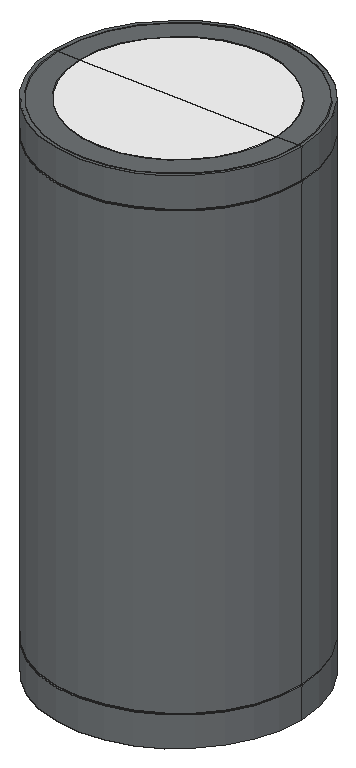
Revit family "Thorn CESAR AMP CEILING", category Lighting Fixtures, host Face, Revit 2023
Family settings
  Host = Face
  Round Connector Dimension = Use Diameter
  Part Type = Normal
  Cut with Voids When Loaded = Yes
  Light Source = Yes
  Maintain Annotation Orientation = No
  Shared = No
  Room Calculation Point = Yes
Parameters (values of type "CESAR AMP M CEI 1L927FX HF ANT")
  Wattage = 18.6 W
  built-in parameter 1150110 = 1 (stored number, unit not read)
  URL = "https://www.thornlighting.com/96700097"
  Type Image = TLG_CESA_F_AMP_CEI_WB_ANT.jpg
  Type IFC Predefined Type = "DIRECTIONSOURCE"
  built-in parameter 1114217 = 1 (stored number, unit not read)
  Tilt Angle = -90.00°  # constant formula
  built-in parameter 1150109 = 1 (stored number, unit not read)
  built-in parameter 1150134 = 12
  built-in parameter 1150113 = 1 (stored number, unit not read)
  Power Factor = 1
  Photometric Web File = "96700097_(STD).IES"
  Model = "96700097"
  Material Housing = Thorn-Aluminium-RAL 7016-Anthracite Grey
  Manufacturer = "Thorn Lighting"  # constant formula
  built-in parameter 1150105 = 79.577 (stored number, unit not read)
  Lumens = 1325 lm
  Luminaire Width = if(Housing S, 90 mm, if(Housing M, 140 mm, if(Housing L, 200 mm, 90 mm)))  # 140 mm
  Luminaire Length = Luminaire Width  # 140 mm
  Luminaire Height = if(Housing S, 165 mm, if(Housing M, 290 mm, if(Housing L, 320 mm, 165 mm)))  # 290 mm
  built-in parameter 1150115 = 1 (stored number, unit not read)
  built-in parameter 1150137 = (empty or 0)
  built-in parameter 1150139 = (empty or 0)
  built-in parameter 1150112 = 1 (stored number, unit not read)
  built-in parameter 1150114 = 1 (stored number, unit not read)
  Lamp = "LED"  # constant formula
  built-in parameter 1150132 = 2
  built-in parameter 1150102 = (empty or 0)
  built-in parameter 1150107 = 2700 (stored number, unit not read)
  built-in parameter 1150138 = (empty or 0)
  built-in parameter 1150106 = 0.79577 (stored number, unit not read)
  Housing S = no
  Housing M = yes
  Housing L = no
  R = Emit from Circle Diameter / 2  # 55.5 mm
  Export Type to IFC As = "IfcLightFixtureType"
  Emit from Circle Diameter = Luminaire Width - E * 2  # 111 mm
  Emit Shape Visible in Rendering = 0 > 1  # no
  built-in parameter 1150104 = 6.5961 (stored number, unit not read)
  E = if(Housing S, 9 mm, if(Housing M, 14.5 mm, if(Housing L, 20 mm, 9 mm)))  # 14.5 mm
  Dimming Lamp Color Temperature Shift = <None>
  Description = "Outdoor Downlights"  # constant formula
  Default Elevation = 0 mm  # constant formula
  Color Filter = 16777215
  built-in parameter 1114218 = 1 (stored number, unit not read)
  built-in parameter 1150133 = 10 (stored number, unit not read)
  Assembly Code = "Pr_70_70_48_17"
  Apparent Load = Wattage / Power Factor  # 18.6 VA
Types (60, lengths in mm): name | Wattage | URL | Type Image | Photometric Web File | Model | Material Housing | Lumens | Luminaire Width | Luminaire Length | Luminaire Height | built-in parameter 1150107 | Housing S | Housing M | Housing L | R | Emit from Circle Diameter | built-in parameter 1150104 | E | Apparent Load
  CESAR AMP S CEI 1L927WB HF ANT | 8.8 W | "https://www.thornlighting.com/96700061" | TLG_CESA_F_AMP_CEI_WB_ANT.jpg | "96700061_(STD).IES" | "96700061" | Thorn-Aluminium-RAL 7016-Anthracite Grey | 430 lm | 90 | 90 | 165 | 2700 (stored number, unit not read) | yes | no | no | 36 | 72 | 4.5522 (stored number, unit not read) | 9 | 8.8 VA
  CESAR AMP S CEI 1L927WB HF BK | 8.8 W | "https://www.thornlighting.com/96700059" | TLG_CESA_F_AMP_CEI_WB_BK.jpg | "96700059_(STD).IES" | "96700059" | Thorn-Aluminium-RAL 9005-Jet Black | 430 lm | 90 | 90 | 165 | 2700 (stored number, unit not read) | yes | no | no | 36 | 72 | 4.5522 (stored number, unit not read) | 9 | 8.8 VA
  CESAR AMP S CEI 1L927WB HF GY | 8.8 W | "https://www.thornlighting.com/96700060" | TLG_CESA_F_AMP_CEI_WB_GY.jpg | "96700060_(STD).IES" | "96700060" | Thorn-Aluminium-RAL 9006-White Aluminium | 430 lm | 90 | 90 | 165 | 2700 (stored number, unit not read) | yes | no | no | 36 | 72 | 4.5522 (stored number, unit not read) | 9 | 8.8 VA
  CESAR AMP S CEI 1L927WB HF WH | 8.8 W | "https://www.thornlighting.com/96700058" | TLG_CESA_F_AMP_CEI_WB_WH.jpg | "96700058_(STD).IES" | "96700058" | Thorn-Aluminium-RAL 9016-Traffic White | 430 lm | 90 | 90 | 165 | 2700 (stored number, unit not read) | yes | no | no | 36 | 72 | 4.5522 (stored number, unit not read) | 9 | 8.8 VA
  CESAR AMP S CEI 1L927WB RD ANT | 8.8 W | "https://www.thornlighting.com/96701213" | TLG_CESA_F_AMP_CEI_WB_ANT_DarkSkyApproved.jpg | "96701213_(STD).IES" | "96701213" | Thorn-Aluminium-RAL 7016-Anthracite Grey | 430 lm | 90 | 90 | 165 | 2700 (stored number, unit not read) | yes | no | no | 36 | 72 | 4.5522 (stored number, unit not read) | 9 | 8.8 VA
  CESAR AMP S CEI 1L927WB RD BK | 8.8 W | "https://www.thornlighting.com/96701211" | TLG_CESA_F_AMP_CEI_WB_BK.jpg | "96701211_(STD).IES" | "96701211" | Thorn-Aluminium-RAL 9005-Jet Black | 430 lm | 90 | 90 | 165 | 2700 (stored number, unit not read) | yes | no | no | 36 | 72 | 4.5522 (stored number, unit not read) | 9 | 8.8 VA
  CESAR AMP S CEI 1L927WB RD GY | 8.8 W | "https://www.thornlighting.com/96701212" | TLG_CESA_F_AMP_CEI_WB_GY.jpg | "96701212_(STD).IES" | "96701212" | Thorn-Aluminium-RAL 9006-White Aluminium | 430 lm | 90 | 90 | 165 | 2700 (stored number, unit not read) | yes | no | no | 36 | 72 | 4.5522 (stored number, unit not read) | 9 | 8.8 VA
  CESAR AMP S CEI 1L927WB RD WH | 8.8 W | "https://www.thornlighting.com/96701210" | TLG_CESA_F_AMP_CEI_WB_WH.jpg | "96701210_(STD).IES" | "96701210" | Thorn-Aluminium-RAL 9016-Traffic White | 430 lm | 90 | 90 | 165 | 2700 (stored number, unit not read) | yes | no | no | 36 | 72 | 4.5522 (stored number, unit not read) | 9 | 8.8 VA
  CESAR AMP S CEI 1L930WB HF ANT | 8.8 W | "https://www.thornlighting.com/96700069" | TLG_CESA_F_AMP_CEI_WB_ANT.jpg | "96700069_(STD).IES" | "96700069" | Thorn-Aluminium-RAL 7016-Anthracite Grey | 452 lm | 90 | 90 | 165 | 3000 (stored number, unit not read) | yes | no | no | 36 | 72 | 4.7381 (stored number, unit not read) | 9 | 8.8 VA
  CESAR AMP S CEI 1L930WB HF BK | 8.8 W | "https://www.thornlighting.com/96700067" | TLG_CESA_F_AMP_CEI_WB_BK.jpg | "96700067_(STD).IES" | "96700067" | Thorn-Aluminium-RAL 9005-Jet Black | 452 lm | 90 | 90 | 165 | 3000 (stored number, unit not read) | yes | no | no | 36 | 72 | 4.7381 (stored number, unit not read) | 9 | 8.8 VA
  CESAR AMP S CEI 1L930WB HF GY | 8.8 W | "https://www.thornlighting.com/96700068" | TLG_CESA_F_AMP_CEI_WB_GY.jpg | "96700068_(STD).IES" | "96700068" | Thorn-Aluminium-RAL 9006-White Aluminium | 452 lm | 90 | 90 | 165 | 3000 (stored number, unit not read) | yes | no | no | 36 | 72 | 4.7381 (stored number, unit not read) | 9 | 8.8 VA
  CESAR AMP S CEI 1L930WB HF WH | 8.8 W | "https://www.thornlighting.com/96700066" | TLG_CESA_F_AMP_CEI_WB_WH.jpg | "96700066_(STD).IES" | "96700066" | Thorn-Aluminium-RAL 9016-Traffic White | 452 lm | 90 | 90 | 165 | 3000 (stored number, unit not read) | yes | no | no | 36 | 72 | 4.7381 (stored number, unit not read) | 9 | 8.8 VA
  CESAR AMP S CEI 1L930WB RD ANT | 8.8 W | "https://www.thornlighting.com/96701221" | TLG_CESA_F_AMP_CEI_WB_ANT_DarkSkyApproved.jpg | "96701221_(STD).IES" | "96701221" | Thorn-Aluminium-RAL 7016-Anthracite Grey | 452 lm | 90 | 90 | 165 | 3000 (stored number, unit not read) | yes | no | no | 36 | 72 | 4.7381 (stored number, unit not read) | 9 | 8.8 VA
  CESAR AMP S CEI 1L930WB RD BK | 8.8 W | "https://www.thornlighting.com/96701219" | TLG_CESA_F_AMP_CEI_WB_BK.jpg | "96701219_(STD).IES" | "96701219" | Thorn-Aluminium-RAL 9005-Jet Black | 452 lm | 90 | 90 | 165 | 3000 (stored number, unit not read) | yes | no | no | 36 | 72 | 4.7381 (stored number, unit not read) | 9 | 8.8 VA
  CESAR AMP S CEI 1L930WB RD GY | 8.8 W | "https://www.thornlighting.com/96701220" | TLG_CESA_F_AMP_CEI_WB_GY.jpg | "96701220_(STD).IES" | "96701220" | Thorn-Aluminium-RAL 9006-White Aluminium | 452 lm | 90 | 90 | 165 | 3000 (stored number, unit not read) | yes | no | no | 36 | 72 | 4.7381 (stored number, unit not read) | 9 | 8.8 VA
  CESAR AMP S CEI 1L930WB RD WH | 8.8 W | "https://www.thornlighting.com/96701218" | TLG_CESA_F_AMP_CEI_WB_WH.jpg | "96701218_(STD).IES" | "96701218" | Thorn-Aluminium-RAL 9016-Traffic White | 452 lm | 90 | 90 | 165 | 3000 (stored number, unit not read) | yes | no | no | 36 | 72 | 4.7381 (stored number, unit not read) | 9 | 8.8 VA
  CESAR AMP S CEI 1L940WB HF ANT | 8.8 W | "https://www.thornlighting.com/96700065" | TLG_CESA_F_AMP_CEI_WB_ANT.jpg | "96700065_(STD).IES" | "96700065" | Thorn-Aluminium-RAL 7016-Anthracite Grey | 483 lm | 90 | 90 | 165 | 4000 (stored number, unit not read) | yes | no | no | 36 | 72 | 5.1097 (stored number, unit not read) | 9 | 8.8 VA
  CESAR AMP S CEI 1L940WB HF BK | 8.8 W | "https://www.thornlighting.com/96700063" | TLG_CESA_F_AMP_CEI_WB_BK.jpg | "96700063_(STD).IES" | "96700063" | Thorn-Aluminium-RAL 9005-Jet Black | 483 lm | 90 | 90 | 165 | 4000 (stored number, unit not read) | yes | no | no | 36 | 72 | 5.1097 (stored number, unit not read) | 9 | 8.8 VA
  CESAR AMP S CEI 1L940WB HF GY | 8.8 W | "https://www.thornlighting.com/96700064" | TLG_CESA_F_AMP_CEI_WB_GY.jpg | "96700064_(STD).IES" | "96700064" | Thorn-Aluminium-RAL 9006-White Aluminium | 483 lm | 90 | 90 | 165 | 4000 (stored number, unit not read) | yes | no | no | 36 | 72 | 5.1097 (stored number, unit not read) | 9 | 8.8 VA
  CESAR AMP S CEI 1L940WB HF WH | 8.8 W | "https://www.thornlighting.com/96700062" | TLG_CESA_F_AMP_CEI_WB_WH.jpg | "96700062_(STD).IES" | "96700062" | Thorn-Aluminium-RAL 9016-Traffic White | 483 lm | 90 | 90 | 165 | 4000 (stored number, unit not read) | yes | no | no | 36 | 72 | 5.1097 (stored number, unit not read) | 9 | 8.8 VA
  CESAR AMP S CEI 1L940WB RD ANT | 8.8 W | "https://www.thornlighting.com/96701217" | TLG_CESA_F_AMP_CEI_WB_BK.jpg | "96701217_(STD).IES" | "96701217" | Thorn-Aluminium-RAL 7016-Anthracite Grey | 483 lm | 90 | 90 | 165 | 4000 (stored number, unit not read) | yes | no | no | 36 | 72 | 5.1097 (stored number, unit not read) | 9 | 8.8 VA
  CESAR AMP S CEI 1L940WB RD BK | 8.8 W | "https://www.thornlighting.com/96701215" | TLG_CESA_F_AMP_CEI_WB_BK.jpg | "96701215_(STD).IES" | "96701215" | Thorn-Aluminium-RAL 9005-Jet Black | 483 lm | 90 | 90 | 165 | 4000 (stored number, unit not read) | yes | no | no | 36 | 72 | 5.1097 (stored number, unit not read) | 9 | 8.8 VA
  CESAR AMP S CEI 1L940WB RD GY | 8.8 W | "https://www.thornlighting.com/96701216" | TLG_CESA_F_AMP_CEI_WB_GY.jpg | "96701216_(STD).IES" | "96701216" | Thorn-Aluminium-RAL 9006-White Aluminium | 483 lm | 90 | 90 | 165 | 4000 (stored number, unit not read) | yes | no | no | 36 | 72 | 5.1097 (stored number, unit not read) | 9 | 8.8 VA
  CESAR AMP S CEI 1L940WB RD WH | 8.8 W | "https://www.thornlighting.com/96701214" | TLG_CESA_F_AMP_CEI_WB_WH.jpg | "96701214_(STD).IES" | "96701214" | Thorn-Aluminium-RAL 9016-Traffic White | 483 lm | 90 | 90 | 165 | 4000 (stored number, unit not read) | yes | no | no | 36 | 72 | 5.1097 (stored number, unit not read) | 9 | 8.8 VA
  CESAR AMP M CEI 1L927FX HF ANT | 18.6 W | "https://www.thornlighting.com/96700097" | TLG_CESA_F_AMP_CEI_WB_ANT.jpg | "96700097_(STD).IES" | "96700097" | Thorn-Aluminium-RAL 7016-Anthracite Grey | 1325 lm | 140 | 140 | 290 | 2700 (stored number, unit not read) | no | yes | no | 55.5 | 111 | 6.5961 (stored number, unit not read) | 14.5 | 18.6 VA
  CESAR AMP M CEI 1L927FX HF BK | 18.6 W | "https://www.thornlighting.com/96700095" | TLG_CESA_F_AMP_CEI_WB_BK.jpg | "96700095_(STD).IES" | "96700095" | Thorn-Aluminium-RAL 9005-Jet Black | 1325 lm | 140 | 140 | 290 | 2700 (stored number, unit not read) | no | yes | no | 55.5 | 111 | 6.5961 (stored number, unit not read) | 14.5 | 18.6 VA
  CESAR AMP M CEI 1L927FX HF GY | 18.6 W | "https://www.thornlighting.com/96700096" | TLG_CESA_F_AMP_CEI_WB_GY.jpg | "96700096_(STD).IES" | "96700096" | Thorn-Aluminium-RAL 9006-White Aluminium | 1325 lm | 140 | 140 | 290 | 2700 (stored number, unit not read) | no | yes | no | 55.5 | 111 | 6.5961 (stored number, unit not read) | 14.5 | 18.6 VA
  CESAR AMP M CEI 1L927FX HF WH | 18.6 W | "https://www.thornlighting.com/96700094" | TLG_CESA_F_AMP_CEI_WB_WH.jpg | "96700094_(STD).IES" | "96700094" | Thorn-Aluminium-RAL 9016-Traffic White | 1325 lm | 140 | 140 | 290 | 2700 (stored number, unit not read) | no | yes | no | 55.5 | 111 | 6.5961 (stored number, unit not read) | 14.5 | 18.6 VA
  CESAR AMP M CEI 1L927FX RD ANT | 18.6 W | "https://www.thornlighting.com/96701249" | TLG_CESA_F_AMP_CEI_WB_ANT.jpg | "96701249_(STD).IES" | "96701249" | Thorn-Aluminium-RAL 7016-Anthracite Grey | 1325 lm | 140 | 140 | 290 | 2700 (stored number, unit not read) | no | yes | no | 55.5 | 111 | 6.5961 (stored number, unit not read) | 14.5 | 18.6 VA
  CESAR AMP M CEI 1L927FX RD BK | 18.6 W | "https://www.thornlighting.com/96701247" | TLG_CESA_F_AMP_CEI_WB_BK.jpg | "96701247_(STD).IES" | "96701247" | Thorn-Aluminium-RAL 9005-Jet Black | 1325 lm | 140 | 140 | 290 | 2700 (stored number, unit not read) | no | yes | no | 55.5 | 111 | 6.5961 (stored number, unit not read) | 14.5 | 18.6 VA
  CESAR AMP M CEI 1L927FX RD GY | 18.6 W | "https://www.thornlighting.com/96701248" | TLG_CESA_F_AMP_CEI_WB_GY.jpg | "96701248_(STD).IES" | "96701248" | Thorn-Aluminium-RAL 9006-White Aluminium | 1325 lm | 140 | 140 | 290 | 2700 (stored number, unit not read) | no | yes | no | 55.5 | 111 | 6.5961 (stored number, unit not read) | 14.5 | 18.6 VA
  CESAR AMP M CEI 1L927FX RD WH | 18.6 W | "https://www.thornlighting.com/96701246" | TLG_CESA_F_AMP_CEI_WB_WH.jpg | "96701246_(STD).IES" | "96701246" | Thorn-Aluminium-RAL 9016-Traffic White | 1325 lm | 140 | 140 | 290 | 2700 (stored number, unit not read) | no | yes | no | 55.5 | 111 | 6.5961 (stored number, unit not read) | 14.5 | 18.6 VA
  CESAR AMP M CEI 1L930FX HF ANT | 18.6 W | "https://www.thornlighting.com/96700105" | TLG_CESA_F_AMP_CEI_WB_ANT.jpg | "96700105_(STD).IES" | "96700105" | Thorn-Aluminium-RAL 7016-Anthracite Grey | 1395 lm | 140 | 140 | 290 | 3000 (stored number, unit not read) | no | yes | no | 55.5 | 111 | 6.9677 (stored number, unit not read) | 14.5 | 18.6 VA
  CESAR AMP M CEI 1L930FX HF BK | 18.6 W | "https://www.thornlighting.com/96700103" | TLG_CESA_F_AMP_CEI_WB_BK.jpg | "96700103_(STD).IES" | "96700103" | Thorn-Aluminium-RAL 9005-Jet Black | 1395 lm | 140 | 140 | 290 | 3000 (stored number, unit not read) | no | yes | no | 55.5 | 111 | 6.9677 (stored number, unit not read) | 14.5 | 18.6 VA
  CESAR AMP M CEI 1L930FX HF GY | 18.6 W | "https://www.thornlighting.com/96700104" | TLG_CESA_F_AMP_CEI_WB_GY.jpg | "96700104_(STD).IES" | "96700104" | Thorn-Aluminium-RAL 9006-White Aluminium | 1395 lm | 140 | 140 | 290 | 3000 (stored number, unit not read) | no | yes | no | 55.5 | 111 | 6.9677 (stored number, unit not read) | 14.5 | 18.6 VA
  CESAR AMP M CEI 1L930FX HF WH | 18.6 W | "https://www.thornlighting.com/96700102" | TLG_CESA_F_AMP_CEI_WB_WH.jpg | "96700102_(STD).IES" | "96700102" | Thorn-Aluminium-RAL 9016-Traffic White | 1395 lm | 140 | 140 | 290 | 3000 (stored number, unit not read) | no | yes | no | 55.5 | 111 | 6.9677 (stored number, unit not read) | 14.5 | 18.6 VA
  CESAR AMP M CEI 1L930FX RD ANT | 18.6 W | "https://www.thornlighting.com/96701257" | TLG_CESA_F_AMP_CEI_WB_ANT.jpg | "96701257_(STD).IES" | "96701257" | Thorn-Aluminium-RAL 7016-Anthracite Grey | 1395 lm | 140 | 140 | 290 | 3000 (stored number, unit not read) | no | yes | no | 55.5 | 111 | 6.9677 (stored number, unit not read) | 14.5 | 18.6 VA
  CESAR AMP M CEI 1L930FX RD BK | 18.6 W | "https://www.thornlighting.com/96701255" | TLG_CESA_F_AMP_CEI_WB_BK.jpg | "96701255_(STD).IES" | "96701255" | Thorn-Aluminium-RAL 9005-Jet Black | 1395 lm | 140 | 140 | 290 | 3000 (stored number, unit not read) | no | yes | no | 55.5 | 111 | 6.9677 (stored number, unit not read) | 14.5 | 18.6 VA
  CESAR AMP M CEI 1L930FX RD GY | 18.6 W | "https://www.thornlighting.com/96701256" | TLG_CESA_F_AMP_CEI_WB_GY.jpg | "96701256_(STD).IES" | "96701256" | Thorn-Aluminium-RAL 9006-White Aluminium | 1395 lm | 140 | 140 | 290 | 3000 (stored number, unit not read) | no | yes | no | 55.5 | 111 | 6.9677 (stored number, unit not read) | 14.5 | 18.6 VA
  CESAR AMP M CEI 1L930FX RD WH | 18.6 W | "https://www.thornlighting.com/96701254" | TLG_CESA_F_AMP_CEI_WB_WH.jpg | "96701254_(STD).IES" | "96701254" | Thorn-Aluminium-RAL 9016-Traffic White | 1395 lm | 140 | 140 | 290 | 3000 (stored number, unit not read) | no | yes | no | 55.5 | 111 | 6.9677 (stored number, unit not read) | 14.5 | 18.6 VA
  CESAR AMP M CEI 1L940FX HF ANT | 18.6 W | "https://www.thornlighting.com/96700101" | TLG_CESA_F_AMP_CEI_WB_ANT.jpg | "96700101_(STD).IES" | "96700101" | Thorn-Aluminium-RAL 7016-Anthracite Grey | 1437 lm | 140 | 140 | 290 | 4000 (stored number, unit not read) | no | yes | no | 55.5 | 111 | 7.1535 (stored number, unit not read) | 14.5 | 18.6 VA
  CESAR AMP M CEI 1L940FX HF BK | 18.6 W | "https://www.thornlighting.com/96700099" | TLG_CESA_F_AMP_CEI_WB_BK.jpg | "96700099_(STD).IES" | "96700099" | Thorn-Aluminium-RAL 9005-Jet Black | 1437 lm | 140 | 140 | 290 | 4000 (stored number, unit not read) | no | yes | no | 55.5 | 111 | 7.1535 (stored number, unit not read) | 14.5 | 18.6 VA
  CESAR AMP M CEI 1L940FX HF GY | 18.6 W | "https://www.thornlighting.com/96700100" | TLG_CESA_F_AMP_CEI_WB_GY.jpg | "96700100_(STD).IES" | "96700100" | Thorn-Aluminium-RAL 9006-White Aluminium | 1437 lm | 140 | 140 | 290 | 4000 (stored number, unit not read) | no | yes | no | 55.5 | 111 | 7.1535 (stored number, unit not read) | 14.5 | 18.6 VA
  CESAR AMP M CEI 1L940FX HF WH | 18.6 W | "https://www.thornlighting.com/96700098" | TLG_CESA_F_AMP_CEI_WB_WH.jpg | "96700098_(STD).IES" | "96700098" | Thorn-Aluminium-RAL 9016-Traffic White | 1437 lm | 140 | 140 | 290 | 4000 (stored number, unit not read) | no | yes | no | 55.5 | 111 | 7.1535 (stored number, unit not read) | 14.5 | 18.6 VA
  CESAR AMP M CEI 1L940FX RD ANT | 18.6 W | "https://www.thornlighting.com/96701253" | TLG_CESA_F_AMP_CEI_WB_ANT.jpg | "96701253_(STD).IES" | "96701253" | Thorn-Aluminium-RAL 7016-Anthracite Grey | 1437 lm | 140 | 140 | 290 | 4000 (stored number, unit not read) | no | yes | no | 55.5 | 111 | 7.1535 (stored number, unit not read) | 14.5 | 18.6 VA
  CESAR AMP M CEI 1L940FX RD BK | 18.6 W | "https://www.thornlighting.com/96701251" | TLG_CESA_F_AMP_CEI_WB_BK.jpg | "96701251_(STD).IES" | "96701251" | Thorn-Aluminium-RAL 9005-Jet Black | 1437 lm | 140 | 140 | 290 | 4000 (stored number, unit not read) | no | yes | no | 55.5 | 111 | 7.1535 (stored number, unit not read) | 14.5 | 18.6 VA
  CESAR AMP M CEI 1L940FX RD GY | 18.6 W | "https://www.thornlighting.com/96701252" | TLG_CESA_F_AMP_CEI_WB_GY.jpg | "96701252_(STD).IES" | "96701252" | Thorn-Aluminium-RAL 9006-White Aluminium | 1437 lm | 140 | 140 | 290 | 4000 (stored number, unit not read) | no | yes | no | 55.5 | 111 | 7.1535 (stored number, unit not read) | 14.5 | 18.6 VA
  CESAR AMP M CEI 1L940FX RD WH | 18.6 W | "https://www.thornlighting.com/96701250" | TLG_CESA_F_AMP_CEI_WB_WH.jpg | "96701250_(STD).IES" | "96701250" | Thorn-Aluminium-RAL 9016-Traffic White | 1437 lm | 140 | 140 | 290 | 4000 (stored number, unit not read) | no | yes | no | 55.5 | 111 | 7.1535 (stored number, unit not read) | 14.5 | 18.6 VA
  CESAR AMP L CEI 1L927XB HFX ANT | 34.4 W | "https://www.thornlighting.com/96700133" | TLG_CESA_F_AMP_CEI_WB_ANT.jpg | "96700133_(STD).IES" | "96700133" | Thorn-Aluminium-RAL 7016-Anthracite Grey | 2413 lm | 200 | 200 | 320 | 2700 (stored number, unit not read) | no | no | yes | 80 | 160 | 6.5032 (stored number, unit not read) | 20 | 34.4 VA
  CESAR AMP L CEI 1L927XB HFX BK | 34.4 W | "https://www.thornlighting.com/96700131" | TLG_CESA_F_AMP_CEI_WB_BK.jpg | "96700131_(STD).IES" | "96700131" | Thorn-Aluminium-RAL 9005-Jet Black | 2413 lm | 200 | 200 | 320 | 2700 (stored number, unit not read) | no | no | yes | 80 | 160 | 6.5032 (stored number, unit not read) | 20 | 34.4 VA
  CESAR AMP L CEI 1L927XB HFX GY | 34.4 W | "https://www.thornlighting.com/96700132" | TLG_CESA_F_AMP_CEI_WB_GY.jpg | "96700132_(STD).IES" | "96700132" | Thorn-Aluminium-RAL 9006-White Aluminium | 2413 lm | 200 | 200 | 320 | 2700 (stored number, unit not read) | no | no | yes | 80 | 160 | 6.5032 (stored number, unit not read) | 20 | 34.4 VA
  CESAR AMP L CEI 1L927XB HFX WH | 34.4 W | "https://www.thornlighting.com/96700130" | TLG_CESA_F_AMP_CEI_WB_WH.jpg | "96700130_(STD).IES" | "96700130" | Thorn-Aluminium-RAL 9016-Traffic White | 2413 lm | 200 | 200 | 320 | 2700 (stored number, unit not read) | no | no | yes | 80 | 160 | 6.5032 (stored number, unit not read) | 20 | 34.4 VA
  CESAR AMP L CEI 1L930XB HFX ANT | 34.4 W | "https://www.thornlighting.com/96700141" | TLG_CESA_F_AMP_CEI_WB_ANT.jpg | "96700141_(STD).IES" | "96700141" | Thorn-Aluminium-RAL 7016-Anthracite Grey | 2540 lm | 200 | 200 | 320 | 3000 (stored number, unit not read) | no | no | yes | 80 | 160 | 6.8748 (stored number, unit not read) | 20 | 34.4 VA
  CESAR AMP L CEI 1L930XB HFX BK | 34.4 W | "https://www.thornlighting.com/96700139" | TLG_CESA_F_AMP_CEI_WB_BK.jpg | "96700139_(STD).IES" | "96700139" | Thorn-Aluminium-RAL 9005-Jet Black | 2540 lm | 200 | 200 | 320 | 3000 (stored number, unit not read) | no | no | yes | 80 | 160 | 6.8748 (stored number, unit not read) | 20 | 34.4 VA
  CESAR AMP L CEI 1L930XB HFX GY | 34.4 W | "https://www.thornlighting.com/96700140" | TLG_CESA_F_AMP_CEI_WB_GY.jpg | "96700140_(STD).IES" | "96700140" | Thorn-Aluminium-RAL 9006-White Aluminium | 2540 lm | 200 | 200 | 320 | 3000 (stored number, unit not read) | no | no | yes | 80 | 160 | 6.8748 (stored number, unit not read) | 20 | 34.4 VA
  CESAR AMP L CEI 1L930XB HFX WH | 34.4 W | "https://www.thornlighting.com/96700138" | TLG_CESA_F_AMP_CEI_WB_WH.jpg | "96700138_(STD).IES" | "96700138" | Thorn-Aluminium-RAL 9016-Traffic White | 2540 lm | 200 | 200 | 320 | 3000 (stored number, unit not read) | no | no | yes | 80 | 160 | 6.8748 (stored number, unit not read) | 20 | 34.4 VA
  CESAR AMP L CEI 1L940XB HFX ANT | 34.4 W | "https://www.thornlighting.com/96700137" | TLG_CESA_F_AMP_CEI_WB_ANT.jpg | "96700137_(STD).IES" | "96700137" | Thorn-Aluminium-RAL 7016-Anthracite Grey | 2616 lm | 200 | 200 | 320 | 4000 (stored number, unit not read) | no | no | yes | 80 | 160 | 7.0606 (stored number, unit not read) | 20 | 34.4 VA
  CESAR AMP L CEI 1L940XB HFX BK | 34.4 W | "https://www.thornlighting.com/96700135" | TLG_CESA_F_AMP_CEI_WB_BK.jpg | "96700135_(STD).IES" | "96700135" | Thorn-Aluminium-RAL 9005-Jet Black | 2616 lm | 200 | 200 | 320 | 4000 (stored number, unit not read) | no | no | yes | 80 | 160 | 7.0606 (stored number, unit not read) | 20 | 34.4 VA
  CESAR AMP L CEI 1L940XB HFX GY | 34.4 W | "https://www.thornlighting.com/96700136" | TLG_CESA_F_AMP_CEI_WB_GY.jpg | "96700136_(STD).IES" | "96700136" | Thorn-Aluminium-RAL 9006-White Aluminium | 2616 lm | 200 | 200 | 320 | 4000 (stored number, unit not read) | no | no | yes | 80 | 160 | 7.0606 (stored number, unit not read) | 20 | 34.4 VA
  CESAR AMP L CEI 1L940XB HFX WH | 34.4 W | "https://www.thornlighting.com/96700134" | TLG_CESA_F_AMP_CEI_WB_WH.jpg | "96700134_(STD).IES" | "96700134" | Thorn-Aluminium-RAL 9016-Traffic White | 2616 lm | 200 | 200 | 320 | 4000 (stored number, unit not read) | no | no | yes | 80 | 160 | 7.0606 (stored number, unit not read) | 20 | 34.4 VA
Reference planes
  plane 1 "Center (Front/Back)": y = 0
  plane 2: z = 0
  plane 3 "Center (Left/Right)": x = 0
  plane 4: x = -70
  plane 5: x = 70
  plane 6: y = 70
  plane 7: y = -70
  plane 8: z = 290
Lines and regions (mm)
  Filled region 1, type "White"
    outline origin (0, 0, 0) x (1, 0, 0) y (0, 1, 0)
      loop
        circle (0, 0) r 70
  model lines, style "InvisibleLines"
    curve 1: line (-275, 0, 0) -> (275, 0, 0)
    curve 2: line (0, 275, 0) -> (0, -275, 0)
  symbolic lines
    curve 3: circle (0, 0, 0) r 55.5 normal (0, 0, 1)
Dimensions and locks
  equal spacing: plane 4, plane 3 "Center (Left/Right)", plane 5
  "Luminaire Width": plane 4 to plane 5
  equal spacing: plane 7, plane 1 "Center (Front/Back)", plane 6
  "Luminaire Length": plane 7 to plane 6
  "Luminaire Height": plane 8 to level
  "R": radius of curve 3
  aligned and locked: plane 2 to host face
  aligned and locked: level to host face
  aligned and locked: plane 8 to imposter light
  aligned and locked: level to nested 1
  aligned and locked: plane 1 "Center (Front/Back)" to curve 1
  aligned and locked: curve 2 to plane 3 "Center (Left/Right)"
  aligned and locked: plane 5 to Filled region 1 sketch curve
  aligned and locked: plane 4 to Filled region 1 sketch curve
Automatic sketch dimensions
  host sketch curve to host sketch curve = 2438.4 mm  (x2)
  Filled region 1 sketch curve to Filled region 1 sketch curve = 0 mm
  plane 1 "Center (Front/Back)" to Filled region 1 sketch curve = 0 mm
  plane 1 "Center (Front/Back)" to curve 3 = 0 mm
  curve 3 to plane 3 "Center (Left/Right)" = 0 mm
  curve 1 to plane 4 = 205 mm
  curve 1 to plane 5 = 205 mm
  plane 7 to curve 2 = 205 mm
  plane 6 to curve 2 = 205 mm
Nested families
  nested 1: "Thorn-Parts-CESAR AMP CEILING-Housing" at (0, 0, 0) x (-1, 0, 0) z (0, -1, 0), Housing S <- "Housing S", Housing M <- "Housing M", Housing L <- "Housing L", Material Housing <- "Material Housing", type "00"
    with Product ID Suffix "", Product ID "", Material Housing Thorn-Aluminium-RAL 7016-Anthracite Grey, Housing S no, Housing M yes, Housing L no, E 14.5 mm, D 17 mm, C 290 mm, B 140 mm, A 140 mm
Connectors
  electrical at (0, 0, 0), driven by "Apparent Load", driven by "Power Factor"
    settings: index 1, voltage 230 V, apparent load 18.6 VA, apparent load phase1 0 VA, apparent load phase2 0 VA, apparent load phase3 0 VA, power factor 1, load classification "Lighting", number of poles 1, system type 30, power factor state 1, is connector primary yes, connector utility no, sub classification motor no, connector description ""
Definition of nested family "Thorn-Parts-CESAR AMP CEILING-Housing"
  Parameters (values of type "00")
    Type IFC Predefined Type = "NOTDEFINED"
    Product ID Suffix [instance] = ""
    Product ID [instance] = ""
    Housing S [instance] = yes
    Material Housing [instance] = none
    Manufacturer = "Thorn Lighting"  # constant formula
    Housing M [instance] = yes
    Housing L [instance] = yes
    Export Type to IFC As = "IfcLightFixtureType"
    E [instance] = if(Housing S, 9 mm, if(Housing M, 14.5 mm, if(Housing L, 20 mm, 9 mm)))  # 9 mm
    Default Elevation = 0 mm  # constant formula
    D [instance] = if(Housing S, 12 mm, if(Housing M, 17 mm, if(Housing L, 22 mm, 12 mm)))  # 12 mm
    C [instance] = if(Housing S, 165 mm, if(Housing M, 290 mm, if(Housing L, 320 mm, 165 mm)))  # 165 mm
    B [instance] = if(Housing S, 90 mm, if(Housing M, 140 mm, if(Housing L, 200 mm, 90 mm)))  # 90 mm
    A [instance] = B  # 90 mm
  Reference planes
    plane 1 "Center (Front/Back)": y = 0
    plane 2: z = 0
    plane 3 "Center (Left/Right)": x = 0
    plane 4: x = -45
    plane 5: x = 45
    plane 6: y = -165
    plane 7: z = 165
    plane 8: z = -165
    plane 9: y = -12
    plane 10: y = -153
    plane 11: x = -43
    plane 12: x = -36
  Forms (mm)
    Revolve 1, solid, material <- "Material Housing"
      sketch origin (0, 0, 0) x (1, 0, 0) y (0, 1, 0)
        loop
          line (-44, -153) -> (-42.974, -153) -> (-42.974, -12) -> (-44, -12) -> (-44, -13) -> (-45, -13) -> (-45, -152) -> (-44, -152) -> (-44, -153)
        axis (0, -12) -> (0, -153)
      angle from 0 to 360
    Revolve 2, solid, material <- "Material Housing"
      sketch origin (0, 0, 0) x (1, 0, 0) y (0, 1, 0)
        loop
          line (0, -12) -> (0, 0) -> (-45, 0) -> (-45, -12) -> (0, -12)
        axis (0, 0) -> (0, -12)
      angle from 0 to 360
    Revolve 3, solid, material <- "Material Housing"
      sketch origin (0, 0, 0) x (1, 0, 0) y (0, 1, 0)
        loop
          line (-43, -153) -> (-45, -153) -> (-45, -165) -> (-43, -165) -> (-43, -153)
        axis (0, -153) -> (0, -165)
      angle from 0 to 360
    Revolve 4, solid, material <- "Material Housing"
      sketch origin (0, 0, 0) x (1, 0, 0) y (0, 1, 0)
        loop
          line (-43, -163) -> (-43, -165) -> (-36, -165) -> (-36, -163) -> (-43, -163)
        axis (0, -163) -> (0, -165)
      angle from 0 to 360
    Revolve 5, solid
      sketch origin (0, 0, 0) x (1, 0, 0) y (0, 1, 0)
        loop
          line (0, -163) -> (-36, -163) -> (-36, -165) -> (0, -165) -> (0, -163)
        axis (0, -163) -> (0, -165)
      angle from 0 to 360
  Dimensions and locks
    equal spacing: plane 4, plane 3 "Center (Left/Right)", plane 5
    "B": plane 4 to plane 5
    "C": plane 1 "Center (Front/Back)" to plane 6
    "C": plane 7 to level
    "C": plane 8 to level
    "D": plane 1 "Center (Front/Back)" to plane 9
    "D": plane 10 to plane 6
    locked: plane 4 to plane 11 at 2
    "E": plane 4 to plane 12
    aligned and locked: level to plane 2
    aligned and locked: plane 10 to Revolve 1 sketch curve
    aligned and locked: plane 9 to Revolve 1 sketch curve
    aligned and locked: Revolve 1 sketch curve to plane 3 "Center (Left/Right)"
    aligned and locked: Revolve 3 sketch curve to plane 4
    aligned and locked: plane 4 to Revolve 2 sketch curve
    aligned and locked: plane 11 to Revolve 3 sketch curve
    aligned and locked: plane 11 to Revolve 4 sketch curve
    aligned and locked: Revolve 4 sketch curve to plane 12
    aligned and locked: Revolve 5 sketch curve to Revolve 5 sketch curve
    aligned and locked: Revolve 5 sketch curve to plane 12
  Automatic sketch dimensions
    Revolve 1 sketch curve to plane 4 = 0 mm
    Revolve 1 sketch curve to Revolve 1 sketch curve = 1 mm
    plane 4 to Revolve 1 sketch curve = 1 mm
    Revolve 1 sketch curve to Revolve 1 sketch curve = 1.026 mm
    plane 10 to Revolve 1 sketch curve = 1 mm
    Revolve 1 sketch curve to plane 9 = 1 mm
    Revolve 1 sketch curve to plane 6 = 1835 mm
    Revolve 1 sketch curve to plane 1 "Center (Front/Back)" = 2000 mm
    plane 1 "Center (Front/Back)" to Revolve 2 sketch curve = 0 mm
    Revolve 2 sketch curve to plane 3 "Center (Left/Right)" = 0 mm  (x2)
    Revolve 2 sketch curve to plane 9 = 0 mm
    Revolve 2 sketch curve to plane 6 = 1835 mm
    Revolve 2 sketch curve to plane 1 "Center (Front/Back)" = 2000 mm
    Revolve 3 sketch curve to plane 3 "Center (Left/Right)" = 0 mm
    Revolve 3 sketch curve to plane 6 = 0 mm
    plane 10 to Revolve 3 sketch curve = 0 mm
    Revolve 3 sketch curve to Revolve 3 sketch curve = 1835 mm
    Revolve 3 sketch curve to plane 1 "Center (Front/Back)" = 2000 mm
    Revolve 4 sketch curve to plane 6 = 0 mm
    Revolve 4 sketch curve to Revolve 4 sketch curve = 2 mm
    Revolve 4 sketch curve to plane 6 = 1835 mm
    Revolve 4 sketch curve to plane 1 "Center (Front/Back)" = 2000 mm
    Revolve 4 sketch curve to plane 3 "Center (Left/Right)" = 0 mm
    Revolve 5 sketch curve to plane 6 = 0 mm
    Revolve 5 sketch curve to plane 3 "Center (Left/Right)" = 0 mm
    Revolve 5 sketch curve to Revolve 5 sketch curve = 2 mm
    Revolve 5 sketch curve to plane 6 = 1835 mm
    Revolve 5 sketch curve to plane 1 "Center (Front/Back)" = 2000 mm
